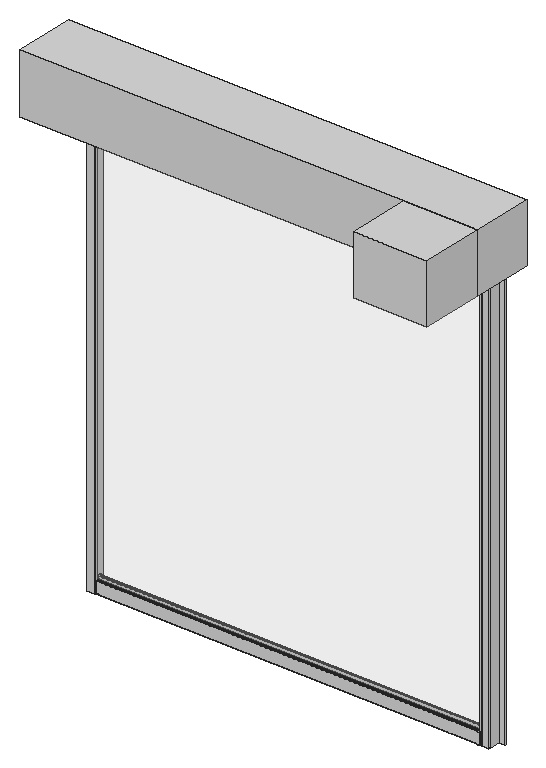
Revit family "Door-Crossing-Gard-Grille_Ceiling-Hosted_Cookson", category Doors, host Ceiling, Revit 2013
Parameters (values of type "Door-Crossing-Gard-Grille_Ceiling-Hosted_Cookson")
  Width = 10' - 0"
  Wall Construction = "Self supporting tubes, Masonry, Steel or Wood"  # constant formula
  URL Specifications = "http://www.cooksondoor.com/docs/default-source/Specifications/crossinggard-emergency-response-grilles-specification_k.doc?sfvrsn=6"
  URL Photographs = "www.cooksondoor.com/product/CrossingGard-Grilles"
  URL CAD = "www.cooksondoor.com/architect-tools-and-resources/drawing-generator?prod=crossinggard"
  URL = "www.cooksondoor.com/product/CrossingGard-Grilles"
  Subcategory = "Roll Up"  # constant formula
  Sizing Disclaimer = "Openings from 5' to 24' wide and 4' to 20' high."  # constant formula
  Revit Object Download Link = "http://cornellcookson.smartbim.com/download/Door-Crossing-Gard-Grille_Ceiling-Hosted_Cookson"
  Representative Disclaimer = "Cookson products are sold and installed through a nationwide network of independent distributors."  # constant formula
  Overall Height = Height + 1' 10"  # 11' - 10"
  Optional aluminum, color anodized finish = Aluminum, mill finish(non-curtain components)
  Operator = Operator : Motor Operator
  Mounting = "Face of Wall"  # constant formula
  Model = "ERG-IBC"  # constant formula
  Manufacturer = "CornellCookson,Inc."  # constant formula
  Listings = "ICC-ES Evaluated for access controlled egress per the IBC®, per ESR-1167"  # constant formula
  LEED Information = "http://www.cooksondoor.com/architect-tools-and-resources/leed-information"
  Jamb Dimension Note = "Between Jambs 5 1/2In to 6 1/2In wide. Consult Cookson when dimensions are critical. "  # constant formula
  Hood = Aluminum, mill finish(non-curtain components)
  Height = 10' - 0"
  Guides (Follows curtain) = Aluminum, mill finish(non-curtain components)
  Function = Interior
  From Coil Side Operate on Right = yes
  From Coil Side Operate on Left = not(From Coil Side Operate on Right)  # no
  Distributor Locator = "http://www.cooksondoor.com/find-a-dealer"
  Description = "The security of a locked rolling grille that opens on alarm or power failure allowing safe escape."  # constant formula
  Curtain Spacing Vertical Chains 9" OC, or = no
  Curtain Spacing Vertical Chains 6" OC, or = no
  Curtain Spacing Vertical Chains 3" OC = no
  Curtain Rods 2" OC Standard = Aluminum, anodized finish 9" Spacing (curtain only)
  Coil Dimension Note = "15In to 20In - Consult Cookson when dimensions are critical."  # constant formula
  Bottom Bar (Follows curtain) = Aluminum, mill finish(non-curtain components)
  Assembly Code = "B2030410"
  95 CSI = "08330"  # constant formula
  04 CSI = "08 33 00"  # constant formula
Reference planes (in)
  plane 1 "Center (Front/Back)": y = 0
  plane 2 "Ceiling": z = 120
  plane 3 "Center (Left/Right)": x = 0.00493
  plane 4: z = 60
  plane 5: x = -59.99507
  plane 6: x = 60.00493
  plane 7: z = 125
  plane 8: y = -24.76395
  plane 9: y = -27.32646
  plane 10: y = -29.88896
  plane 11: y = -12.38896
  plane 12: y = 5.61104
  plane 13: z = 123
  plane 14: z = 142
Forms (in)
  Sweep 1, solid, material "Aluminum, mill finish(non-curtain components)" <- "Guides (Follows curtain)"
    path origin (-180, -24.76395, 124.61148) x (0, 0, 1) y (-1, 0, 0)
      loop
        line (0.38852, -120.00493) -> (-124.61148, -120.00493)
    profile "Guide-Profile : Guide-Profile" origin (-59.99507, -24.76395, 62.5) x (1, 0, 0) y (0, -1, 0)
      loop
        line (4.5, 2.484) -> (2.563, 2.484) -> (2.563, 3.516) -> (4.5, 3.516) -> (4.5, 3.312) -> (4.64, 3.312) -> (4.64, 3.51604) -> (4.86, 3.51604) -> (4.86, 3.312) -> (5, 3.312) -> (5, 3.563) -> (4.875, 3.625) -> (2.5, 3.625) -> (2.5, 3) -> (2.312, 3) -> (2.312, 0.188) -> (0.5, 0.188) -> (0.5, 0) -> (2.5, 0) -> (2.5, 1.124) -> (4.875, 1.124) -> (5, 1.186) -> (5, 2.52275) -> (5, 2.688) -> (4.86, 2.688) -> (4.86, 2.56104) -> (4.64, 2.56104) -> (4.64, 2.688) -> (4.5, 2.688) -> (4.5, 2.484)
  Sweep 2, solid, material "Aluminum, mill finish(non-curtain components)" <- "Guides (Follows curtain)"
    path origin (-180, -24.76395, 124.61148) x (0, 0, 1) y (-1, 0, 0)
      loop
        line (0.38852, -240.00493) -> (-124.61148, -240.00493)
    profile "Guide-Profile : Guide-Profile" origin (60.00493, -24.76395, 62.5) x (1, 0, 0) y (0, -1, 0)
      loop
        line (-4.5, 2.484) -> (-4.5, 2.688) -> (-4.64, 2.688) -> (-4.64, 2.56104) -> (-4.86, 2.56104) -> (-4.86, 2.688) -> (-5, 2.688) -> (-5, 2.52275) -> (-5, 1.186) -> (-4.875, 1.124) -> (-2.5, 1.124) -> (-2.5, 0) -> (-0.5, 0) -> (-0.5, 0.188) -> (-2.312, 0.188) -> (-2.312, 3) -> (-2.5, 3) -> (-2.5, 3.625) -> (-4.875, 3.625) -> (-5, 3.563) -> (-5, 3.312) -> (-4.86, 3.312) -> (-4.86, 3.51604) -> (-4.64, 3.51604) -> (-4.64, 3.312) -> (-4.5, 3.312) -> (-4.5, 3.516) -> (-2.563, 3.516) -> (-2.563, 2.484) -> (-4.5, 2.484)
  Sweep 3, solid, material "Aluminum, mill finish(non-curtain components)" <- "Guides (Follows curtain)"
    path origin (-180, -24.76395, 124.61148) x (0, 0, 1) y (-1, 0, 0)
      loop
        line (-124.61148, -125.00493) -> (-124.61148, -235.00493)
    profile "Profile_BottomBar : Profile_BottomBar" origin (0.00493, -24.76395, 0) x (0, 0, 1) y (0, -1, 0)
      loop
        line (3.5, 2.9375) -> (3.5, 2.9685) -> (3.625, 2.9685) -> (3.625, 2.8595) -> (3.688, 2.8595) -> (3.688, 3.0315)
        arc (3.688, 3.0315) -> (3.66984, 3.07534) -> (3.626, 3.0935) r 0.062
        line (3.626, 3.0935) -> (3.562, 3.0935)
        arc (3.562, 3.0935) -> (3.51816, 3.11166) -> (3.5, 3.1555) r 0.062
        line (3.5, 3.1555) -> (3.5, 3.5005)
        arc (3.5, 3.5005) -> (3.48184, 3.54434) -> (3.438, 3.5625) r 0.062
        line (3.438, 3.5625) -> (0.062, 3.5625)
        arc (0.062, 3.5625) -> (0.01816, 3.54434) -> (0, 3.5005) r 0.062
        line (0, 3.5005) -> (0, 1.6245)
        arc (0, 1.6245) -> (0.01816, 1.58066) -> (0.062, 1.5625) r 0.062
        line (0.062, 1.5625) -> (3.438, 1.5625)
        arc (3.438, 1.5625) -> (3.48184, 1.58066) -> (3.5, 1.6245) r 0.062
        line (3.5, 1.6245) -> (3.5, 1.9695)
        arc (3.5, 1.9695) -> (3.51816, 2.01334) -> (3.562, 2.0315) r 0.062
        line (3.562, 2.0315) -> (3.626, 2.0315)
        arc (3.626, 2.0315) -> (3.66984, 2.04966) -> (3.688, 2.0935) r 0.062
        line (3.688, 2.0935) -> (3.688, 2.2655) -> (3.625, 2.2655) -> (3.625, 2.1565) -> (3.5, 2.1565) -> (3.5, 2.1875) -> (3.594, 2.1875) -> (3.594, 2.2965) -> (4.484, 2.2965)
        arc (4.484, 2.2965) -> (4.56974, 2.3107) -> (4.64632, 2.35177) r 0.266
        arc (4.64632, 2.35177) -> (4.69392, 2.39914) -> (4.72814, 2.45691) r 0.266
        arc (4.72814, 2.45691) -> (4.74762, 2.52696) -> (4.74739, 2.59967) r 0.266
        arc (4.74739, 2.59967) -> (4.73451, 2.65194) -> (4.71137, 2.70055) r 0.266
        arc (4.71137, 2.70055) -> (4.66476, 2.75765) -> (4.60425, 2.79977) r 0.266
        arc (4.60425, 2.79977) -> (4.54582, 2.82122) -> (4.484, 2.8285) r 0.266
        line (4.484, 2.8285) -> (3.594, 2.8285) -> (3.594, 2.9375) -> (3.5, 2.9375)
  Extrusion 4, solid, material "Aluminum, anodized finish 9" Spacing (curtain only)" <- "Curtain Rods 2" OC Standard"
    sketch origin (0, 0, 0) x (1, 0, 0) y (0, 1, 0)
      loop
        line (-55.49507, -27.45196) -> (-55.49507, -28.07596) -> (55.50493, -28.07596) -> (55.50493, -27.45196) -> (-55.49507, -27.45196)
    from 3.625 to 125
Cuts and joins
  joined: Sweep 1, Sweep 2
Lines and regions (in)
  Opening 1
    outline origin (0, 0, 96) x (1, 0, 0) y (0, 1, 0)
      loop
        line (60.00493, -24.76395) -> (-59.99507, -24.76395) -> (-59.99507, -29.88896) -> (60.00493, -29.88896) -> (60.00493, -24.76395)
  symbolic lines, style "DoorsPanelProjection"
    curve 1: line (59.50493, -24.95196, 0) -> (59.50493, -24.76396, 0)
    curve 2: line (59.50493, -24.76396, 0) -> (57.50493, -24.76396, 0)
    curve 3: line (57.69293, -24.95196, 0) -> (59.50493, -24.95196, 0)
    curve 4: line (57.69293, -27.76396, 0) -> (57.69293, -24.95196, 0)
    curve 5: line (57.50493, -24.76396, 0) -> (57.50493, -25.88796, 0)
    curve 6: line (57.50493, -27.76396, 0) -> (57.69293, -27.76396, 0)
    curve 7: line (57.50493, -28.38896, 0) -> (57.50493, -27.76396, 0)
    curve 8: line (55.12993, -28.38896, 0) -> (57.50493, -28.38896, 0)
    curve 9: line (55.00493, -28.32696, 0) -> (55.12993, -28.38896, 0)
    curve 10: line (55.00493, -28.07596, 0) -> (55.00493, -28.32696, 0)
    curve 11: line (55.14493, -28.07596, 0) -> (55.00493, -28.07596, 0)
    curve 12: line (55.14493, -28.28, 0) -> (55.14493, -28.07596, 0)
    curve 13: line (55.36493, -28.28, 0) -> (55.14493, -28.28, 0)
    curve 14: line (55.36493, -28.07596, 0) -> (55.36493, -28.28, 0)
    curve 15: line (55.50493, -28.07596, 0) -> (55.36493, -28.07596, 0)
    curve 16: line (55.50493, -28.27996, 0) -> (55.50493, -27.24796, 0)
    curve 17: line (57.44193, -28.27996, 0) -> (55.50493, -28.27996, 0)
    curve 18: line (57.44193, -27.24796, 0) -> (57.44193, -28.27996, 0)
    curve 19: line (55.50493, -27.24796, 0) -> (57.44193, -27.24796, 0)
    curve 20: line (55.36493, -27.45196, 0) -> (55.50493, -27.45196, 0)
    curve 21: line (55.14493, -27.325, 0) -> (55.36493, -27.325, 0)
    curve 22: line (55.36493, -27.325, 0) -> (55.36493, -27.45196, 0)
    curve 23: line (55.14493, -27.45196, 0) -> (55.14493, -27.325, 0)
    curve 24: line (55.00493, -27.45196, 0) -> (55.14493, -27.45196, 0)
    curve 25: line (55.00493, -25.94996, 0) -> (55.00493, -27.45196, 0)
    curve 26: line (55.12993, -25.88796, 0) -> (55.00493, -25.94996, 0)
    curve 27: line (57.50493, -25.88796, 0) -> (55.12993, -25.88796, 0)
    curve 28: line (57.50493, -24.76396, 0) -> (57.50493, -25.88796, 0)
    curve 29: line (55.50493, -27.45196, 0) -> (-55.49507, -27.45196, 0)
    curve 30: line (-55.49507, -28.07596, 0) -> (55.50493, -28.07596, 0)
    curve 31: line (-55.49507, -27.45196, 0) -> (-55.49507, -28.07596, 0)
    curve 32: line (-55.49507, -27.24796, 0) -> (-55.49507, -27.45196, 0)
    curve 33: line (-55.49507, -28.07596, 0) -> (-55.49507, -28.27996, 0)
    curve 34: line (-55.49507, -28.27996, 0) -> (-57.43207, -28.27996, 0)
    curve 35: line (-57.43207, -28.27996, 0) -> (-57.43207, -27.24796, 0)
    curve 36: line (-57.43207, -27.24796, 0) -> (-55.49507, -27.24796, 0)
    curve 37: line (-55.49507, -27.45196, 0) -> (-55.35507, -27.45196, 0)
    curve 38: line (-55.35507, -27.45196, 0) -> (-55.35507, -27.325, 0)
    curve 39: line (-55.35507, -27.325, 0) -> (-55.13507, -27.325, 0)
    curve 40: line (-55.13507, -27.325, 0) -> (-55.13507, -27.45196, 0)
    curve 41: line (-55.13507, -27.45196, 0) -> (-54.99507, -27.45196, 0)
    curve 42: line (-54.99507, -27.45196, 0) -> (-54.99507, -25.94996, 0)
    curve 43: line (-54.99507, -25.94996, 0) -> (-55.12007, -25.88796, 0)
    curve 44: line (-55.12007, -25.88796, 0) -> (-57.49507, -25.88796, 0)
    curve 45: line (-57.49507, -25.88796, 0) -> (-57.49507, -24.76396, 0)
    curve 46: line (-57.49507, -24.76396, 0) -> (-59.49507, -24.76396, 0)
    curve 47: line (-59.49507, -24.76396, 0) -> (-59.49507, -24.95196, 0)
    curve 48: line (-59.49507, -24.95196, 0) -> (-57.68307, -24.95196, 0)
    curve 49: line (-57.68307, -24.95196, 0) -> (-57.68307, -27.76396, 0)
    curve 50: line (-57.68307, -27.76396, 0) -> (-57.49507, -27.76396, 0)
    curve 51: line (-57.49507, -27.76396, 0) -> (-57.49507, -28.38896, 0)
    curve 52: line (-57.49507, -28.38896, 0) -> (-55.12007, -28.38896, 0)
    curve 53: line (-55.12007, -28.38896, 0) -> (-54.99507, -28.32696, 0)
    curve 54: line (-54.99507, -28.32696, 0) -> (-54.99507, -28.07596, 0)
    curve 55: line (-55.13507, -28.07596, 0) -> (-55.13507, -28.28, 0)
    curve 56: line (-55.13507, -28.28, 0) -> (-55.35507, -28.28, 0)
    curve 57: line (-55.35507, -28.28, 0) -> (-55.35507, -28.07596, 0)
    curve 58: line (-55.35507, -28.07596, 0) -> (-55.49507, -28.07596, 0)
    curve 59: line (-54.99507, -28.07596, 0) -> (-55.13507, -28.07596, 0)
  symbolic lines, style "Doors"
    curve 60: line (55.50493, -27.45196, 0) -> (-55.49507, -27.45196, 0)
    curve 61: line (-55.49507, -28.07596, 0) -> (55.50493, -28.07596, 0)
    curve 62: line (-55.49507, -27.45196, 0) -> (-55.49507, -28.07596, 0)
    curve 63: line (55.50493, -28.07596, 0) -> (55.50493, -27.45196, 0)
    curve 64: line (55.00493, -26.32645, 0) -> (-54.99507, -26.32645, 0)
    curve 65: line (55.00493, -28.32696, 0) -> (55.00493, -28.07596, 0)
    curve 66: line (-54.99507, -28.32696, 0) -> (55.00493, -28.32696, 0)
    curve 67: line (-54.99507, -26.32645, 0) -> (-54.99507, -27.45196, 0)
    curve 68: line (-54.99507, -28.07596, 0) -> (-54.99507, -28.32696, 0)
    curve 69: line (55.00493, -27.45196, 0) -> (55.00493, -26.32645, 0)
Dimensions and locks (in)
  equal spacing: host sketch curve, plane 3 "Center (Left/Right)", host sketch curve
  equal spacing: host sketch curve, plane 1 "Center (Front/Back)", host sketch curve
  host sketch curve to host sketch curve = 10' - 0"  (x2)
  equal spacing: plane 6, plane 3 "Center (Left/Right)", plane 5
  "Width": plane 6 to plane 5
  equal spacing: plane 8, plane 9, plane 10
  plane 7 to plane 13 = 0' - 2"
  plane 11 to plane 10 = 1' - 5 1/2"
  plane 12 to plane 11 = 1' - 6"
  locked: plane 7 to plane 2 "Ceiling" at 5
  "Overall Height": plane 14 to level
  equal spacing: plane 2 "Ceiling", plane 4, level
  "Height": plane 2 "Ceiling" to level
  aligned and locked: Sweep 1 sketch curve to plane 5
  aligned and locked: level to Sweep 1 sketch curve
  aligned and locked: Sweep 2 sketch curve to plane 6
  aligned and locked: level to Sweep 2 sketch curve
  aligned and locked: Sweep 3 sketch curve to level
  aligned and locked: plane 7 to Sweep 1 sketch curve
  aligned and locked: plane 7 to Sweep 2 sketch curve
  aligned and locked: Opening 1 sketch curve to plane 8
  aligned and locked: Opening 1 sketch curve to plane 10
  aligned and locked: Opening 1 sketch curve to plane 5
  aligned and locked: Opening 1 sketch curve to plane 6
  aligned and locked: Extrusion 4 sketch curve to cut or joined group of Sweep 1, Sweep 2  (x3)
  aligned and locked: cut or joined group of Sweep 1, Sweep 2 to Extrusion 4 sketch curve
  aligned and locked: plane 7 to Extrusion 4
  aligned and locked: nested 1 to plane 8
  aligned and locked: nested 1 to plane 7
  aligned and locked: Extrusion 4 to Sweep 3
  aligned and locked: plane 3 "Center (Left/Right)" to nested 1
  aligned and locked: cut or joined group of Sweep 1, Sweep 2 to Sweep 3 sketch curve
  aligned and locked: Sweep 3 sketch curve to cut or joined group of Sweep 1, Sweep 2
  aligned and locked: curve 1 to cut or joined group of Sweep 1, Sweep 2
  aligned and locked: curve 2 to cut or joined group of Sweep 1, Sweep 2
  aligned and locked: curve 3 to cut or joined group of Sweep 1, Sweep 2
  aligned and locked: curve 4 to cut or joined group of Sweep 1, Sweep 2
  aligned and locked: curve 5 to cut or joined group of Sweep 1, Sweep 2
  aligned and locked: curve 6 to cut or joined group of Sweep 1, Sweep 2
  aligned and locked: curve 7 to cut or joined group of Sweep 1, Sweep 2
  aligned and locked: curve 8 to cut or joined group of Sweep 1, Sweep 2
  aligned and locked: curve 9 to cut or joined group of Sweep 1, Sweep 2
  aligned and locked: curve 10 to cut or joined group of Sweep 1, Sweep 2
  aligned and locked: curve 11 to cut or joined group of Sweep 1, Sweep 2
  aligned and locked: curve 12 to cut or joined group of Sweep 1, Sweep 2
  aligned and locked: curve 13 to cut or joined group of Sweep 1, Sweep 2
  aligned and locked: curve 14 to cut or joined group of Sweep 1, Sweep 2
  aligned and locked: curve 15 to cut or joined group of Sweep 1, Sweep 2
  aligned and locked: curve 16 to Extrusion 4
  aligned and locked: curve 17 to cut or joined group of Sweep 1, Sweep 2
  aligned and locked: curve 18 to cut or joined group of Sweep 1, Sweep 2
  aligned and locked: curve 19 to cut or joined group of Sweep 1, Sweep 2
  aligned and locked: curve 20 to cut or joined group of Sweep 1, Sweep 2
  aligned and locked: curve 21 to cut or joined group of Sweep 1, Sweep 2
  aligned and locked: curve 22 to cut or joined group of Sweep 1, Sweep 2
  aligned and locked: curve 23 to cut or joined group of Sweep 1, Sweep 2
  aligned and locked: curve 24 to cut or joined group of Sweep 1, Sweep 2
  aligned and locked: curve 25 to cut or joined group of Sweep 1, Sweep 2
  aligned and locked: curve 26 to cut or joined group of Sweep 1, Sweep 2
  aligned and locked: curve 27 to cut or joined group of Sweep 1, Sweep 2
  aligned and locked: curve 29 to Extrusion 4
  aligned and locked: curve 30 to Extrusion 4
  aligned and locked: curve 31 to Extrusion 4
  aligned and locked: curve 32 to cut or joined group of Sweep 1, Sweep 2
  aligned and locked: curve 33 to cut or joined group of Sweep 1, Sweep 2
  aligned and locked: curve 34 to cut or joined group of Sweep 1, Sweep 2
  aligned and locked: curve 35 to cut or joined group of Sweep 1, Sweep 2
  aligned and locked: curve 36 to cut or joined group of Sweep 1, Sweep 2
  aligned and locked: curve 37 to cut or joined group of Sweep 1, Sweep 2
  aligned and locked: curve 38 to cut or joined group of Sweep 1, Sweep 2
  aligned and locked: curve 39 to cut or joined group of Sweep 1, Sweep 2
  aligned and locked: curve 40 to cut or joined group of Sweep 1, Sweep 2
  aligned and locked: curve 41 to cut or joined group of Sweep 1, Sweep 2
  aligned and locked: curve 42 to cut or joined group of Sweep 1, Sweep 2
  aligned and locked: curve 43 to cut or joined group of Sweep 1, Sweep 2
  aligned and locked: curve 44 to cut or joined group of Sweep 1, Sweep 2
  aligned and locked: curve 45 to cut or joined group of Sweep 1, Sweep 2
  aligned and locked: curve 46 to cut or joined group of Sweep 1, Sweep 2
  aligned and locked: curve 47 to cut or joined group of Sweep 1, Sweep 2
  aligned and locked: curve 48 to cut or joined group of Sweep 1, Sweep 2
  aligned and locked: curve 49 to cut or joined group of Sweep 1, Sweep 2
  aligned and locked: curve 50 to cut or joined group of Sweep 1, Sweep 2
  aligned and locked: curve 51 to cut or joined group of Sweep 1, Sweep 2
  aligned and locked: curve 52 to cut or joined group of Sweep 1, Sweep 2
  aligned and locked: curve 53 to cut or joined group of Sweep 1, Sweep 2
  aligned and locked: curve 54 to cut or joined group of Sweep 1, Sweep 2
  aligned and locked: curve 55 to cut or joined group of Sweep 1, Sweep 2
  aligned and locked: curve 56 to cut or joined group of Sweep 1, Sweep 2
  aligned and locked: curve 57 to cut or joined group of Sweep 1, Sweep 2
  aligned and locked: curve 58 to cut or joined group of Sweep 1, Sweep 2
  aligned and locked: curve 59 to cut or joined group of Sweep 1, Sweep 2
  aligned and locked: curve 60 to Extrusion 4
  aligned and locked: curve 61 to Extrusion 4
  aligned and locked: curve 62 to Extrusion 4
  aligned and locked: curve 63 to Extrusion 4
  aligned and locked: curve 64 to Sweep 3
  aligned and locked: curve 65 to curve 25
  aligned and locked: curve 67 to curve 54
Automatic sketch dimensions
  curve 13 to curve 16 = 0' - 0.14"
  curve 37 to curve 38 = 0' - 0"
  curve 63 to curve 15 = 0' - 0"
  plane 9 to curve 67 = 0' - 0.1255"
  plane 9 to curve 65 = 0' - 0.7495"
  curve 64 to plane 6 = 0' - 5"
  plane 9 to curve 69 = 0' - 0.1255"
  plane 9 to curve 68 = 0' - 0.7495"
Nested families (in)
  nested 1: "Operator" at (0.00493, -33.26395, 37.50377), type "Motor Operator"
Definition of nested family "Operator"
  Parameters (values of type "Motor Operator")
    Width = 10' - 0"
    Roller Chamber = Aluminum, mill finish(non-curtain components)
    Right Motor Visible = not(Motor)  # no
    Right = yes
    Operator Height = Height / 1.5  # 5' - 4"
    Motor = yes
    Material = Aluminum, mill finish(non-curtain components)
    Line = no
    Left Motor Visible = not(Motor)  # no
    Left = no
    Height = 8' - 0"
    Default Elevation = 4' - 0"
    Bottom Bar = Aluminum, mill finish(non-curtain components)
    Assembly Code = ""
  Reference planes (in)
    plane 1 "Center (Front/Back)": y = 0
    plane 2: z = 0
    plane 3 "Center (Left/Right)": x = 0
    plane 4: x = -60
    plane 5: x = 60
    plane 6: z = 96
    plane 7: y = 8.5
    plane 8: z = 87.49623
    plane 9: x = -42.75
    plane 10: x = 42.75
    plane 11: y = -27.30859
    plane 12: y = -12
    plane 13: y = 6.625
    plane 14: x = -55.5
    plane 15: x = 55.5
    plane 16: x = -65.5
    plane 17: x = 65.5
    plane 18: y = -7
  Forms (in)
    Sweep 1, solid, material "Aluminum, mill finish(non-curtain components)" <- "Bottom Bar"
      path origin (-42.75, -180, 87.49623) x (0, -1, 0) y (1, 0, 0)
        loop
          line (-188.5, -22.75) -> (-188.5, 108.25)
      profile "Profile_Hood : Profile_Hood" origin (0, 8.5, 87.49623) x (0, 1, 0) y (0, 0, 1)
        loop
          line (0, 17) -> (-17.5, 17) -> (-17.5, 0) -> (0, 0) -> (0, 17)
    Sweep 2, solid, material "Aluminum, mill finish(non-curtain components)" <- "Bottom Bar"
      path origin (-42.75, -180, 87.49623) x (0, -1, 0) y (1, 0, 0)
        loop
          line (-188.5, -22.75) -> (-188.5, 108.25)
      profile "Profile_Hood : Profile_Hood" origin (0, 8.5, 87.49623) x (0, 1, 0) y (0, 0, 1)
        loop
          line (0, 17) -> (-17.5, 17) -> (-17.5, 0) -> (0, 0) -> (0, 17)
    Sweep 3, solid, material "Aluminum, mill finish(non-curtain components)" <- "Roller Chamber"
      path origin (-42.75, -180, 87.49623) x (0, -1, 0) y (1, 0, 0)
        loop
          line (-188.5, -22.75) -> (-188.5, 108.25)
      profile "Profile_Hood : Profile_Hood" origin (0, 8.5, 87.49623) x (0, 1, 0) y (0, 0, 1)
        loop
          line (0, 17) -> (-17.5, 17) -> (-17.5, 0) -> (0, 0) -> (0, 17)
  Lines and regions (in)
    symbolic lines, style "GenericModelHiddenLines"
      curve 1: line (-65.5, 8.5, 0) -> (-65.5, -7, 0)
      curve 3: line (65.5, -7, 0) -> (65.5, 8.5, 0)
    symbolic lines, style "GenericModelHiddenLines", visible <- "Line"
      curve 2: line (-65.5, -7, 0) -> (65.5, -7, 0)
    symbolic lines, style "GenericModelHiddenLines", visible <- "Left"
      curve 4: line (-44.5, -7, 0) -> (65.5, -7, 0)
    symbolic lines, style "GenericModelHiddenLines", visible <- "Right"
      curve 5: line (-65.5, -7, 0) -> (44.5, -7, 0)
    symbolic lines, style "GenericModelHiddenLines", visible <- "Right Motor Visible"
      curve 6: line (44.5, -7, 0) -> (65.5, -7, 0)
    symbolic lines, style "GenericModelHiddenLines", visible <- "Left Motor Visible"
      curve 7: line (-65.5, -7, 0) -> (-44.5, -7, 0)
  Dimensions and locks (in)
    equal spacing: plane 4, plane 3 "Center (Left/Right)", plane 5
    "Width": plane 4 to plane 5
    "Height": plane 6 to level
    locked: plane 7 to plane 1 "Center (Front/Back)" at 8.5
    locked: plane 6 to plane 8 at 8.50377
    locked: plane 7 to plane 11 at 35.80859
    locked: plane 7 to plane 13 at 1.875
    locked: plane 15 to plane 5 at 4.5
    locked: plane 4 to plane 14 at 4.5
    locked: plane 16 to plane 4 at 5.5
    locked: plane 17 to plane 5 at 5.5
    locked: plane 18 to plane 7 at 15.5
    aligned and locked: nested 2 to plane 6
    aligned and locked: Sweep 1 sketch curve to plane 7
    aligned and locked: nested 1 to Sweep 1
    aligned and locked: Sweep 2 sketch curve to plane 7
    aligned and locked: Sweep 3 sketch curve to plane 7
    aligned and locked: plane 6 to nested 1
    aligned and locked: plane 16 to Sweep 2 sketch curve
    aligned and locked: plane 17 to Sweep 2 sketch curve
    aligned and locked: plane 16 to Sweep 3 sketch curve
    aligned and locked: plane 17 to Sweep 3 sketch curve
    aligned and locked: plane 16 to Sweep 1 sketch curve
    aligned and locked: plane 17 to Sweep 1 sketch curve
    aligned and locked: plane 7 to curve 1
    aligned and locked: curve 3 to plane 7
    aligned and locked: plane 18 to curve 3
    aligned and locked: plane 18 to curve 4
    aligned and locked: nested 1 to curve 5
    aligned and locked: curve 5 to plane 18
    aligned and locked: nested 1 to curve 6
    aligned and locked: curve 5 to curve 6
    aligned and locked: nested 2 to Sweep 3
    aligned and locked: nested 1 to Sweep 2
    aligned and locked: nested 2 to curve 7
    aligned and locked: plane 16 to nested 2
    aligned and locked: curve 1 to plane 16
  Nested families (in)
    nested 1: "Pull-Down-Pole" at (71.375, -2, 32), visible <- "Right", type "Pull"
    nested 2: "Pull-Down-Pole" at (-71.375, -2, 32) x (-1, 0, 0) z (0, 0, 1), visible <- "Left", type "Pull 2"
  Definition of nested family "Pull-Down-Pole"
    Parameters (values of type "Pull 2")
      Motor = yes
      Material = Aluminum, mill finish(non-curtain components)
      Hood = Aluminum, mill finish(non-curtain components)
      Height = 5' - 4"
      Bottom Bar = Aluminum, mill finish(non-curtain components)
      Assembly Code = ""
    Types (2): name
      Pull 2
      Pull
    Reference planes (in)
      plane 1 "Center (Front/Back)": y = 0
      plane 2: z = 0
      plane 3 "Center (Left/Right)": x = 0
      plane 4: z = 64
      plane 5: y = -7
      plane 6: y = -25
      plane 7: x = -3.625
      plane 8: x = -5.875
      plane 9: x = -1.375
    Forms (in)
      Extrusion 1, solid, material "Aluminum, mill finish(non-curtain components)" <- "Material", visible <- "Motor"
        sketch origin (0, 0, 0) x (1, 0, 0) y (0, 0, 1)
          loop
            line (-26.875, 72.49609) -> (-26.875, 55.49609) -> (-5.875, 55.49609) -> (-5.875, 72.49609) -> (-26.875, 72.49609)
        from 7 to 25
      Extrusion 2, solid, material "Aluminum, mill finish(non-curtain components)" <- "Bottom Bar", not visible
        sketch origin (-9.625, -8.75, 56.81318) x (0, 0, 1) y (0, -1, 0)
          loop
            line (15.68682, -17.125) -> (15.68682, -1.75) -> (-1.31318, -1.75) -> (-1.31318, -17.125) -> (15.68682, -17.125)
        from 3.75 to 8.25
      Extrusion 3, solid, material "Aluminum, mill finish(non-curtain components)" <- "Bottom Bar", not visible
        sketch origin (-5.875, -5.3125, 56.81318) x (0, 0, -1) y (0, -1, 0)
          loop
            line (-15.68682, 1.6875) -> (-15.68682, -13.6875) -> (1.31318, -13.6875) -> (1.31318, 1.6875) -> (-15.68682, 1.6875)
        from -4.5 to 0
    Lines and regions (in)
      symbolic lines, style "GenericModelHiddenLines", visible <- "Motor"
        curve 1: line (-26.875, -25, 0) -> (-26.875, -7, 0)
        curve 2: line (-26.875, -25, 0) -> (-5.875, -25, 0)
        curve 3: line (-5.875, -25, 0) -> (-5.875, -7, 0)
    Dimensions and locks (in)
      "Height": plane 4 to level
      locked: plane 3 "Center (Left/Right)" to Extrusion 1 sketch curve at 5.875
      locked: Extrusion 1 sketch curve to Extrusion 1 sketch curve at 21
      locked: plane 4 to Extrusion 1 sketch curve at 8.50391
      locked: Extrusion 1 sketch curve to plane 4 at 8.49609
      locked: plane 1 "Center (Front/Back)" to plane 5 at 7
      plane 5 to plane 6 = 1' - 6"
      Extrusion 2 to plane 7 = 0' - 2 1/4"
      locked: plane 8 to plane 9 at 4.5
      equal spacing: plane 8, plane 7, plane 9
      plane 5 to plane 1 "Center (Front/Back)" = 0' - 7"
      plane 1 "Center (Front/Back)" to Extrusion 3 sketch curve = 0' - 8 3/8"
      Extrusion 2 to plane 4 = 0' - 8 1/2"
      aligned and locked: plane 5 to Extrusion 1
      aligned and locked: plane 6 to Extrusion 1
      aligned and locked: plane 4 to nested 1
      aligned and locked: plane 7 to nested 1
      aligned and locked: plane 1 "Center (Front/Back)" to nested 1
      aligned and locked: Extrusion 2 to Extrusion 3
      aligned and locked: Extrusion 3 to plane 9
      aligned and locked: Extrusion 2 to plane 9
      aligned and locked: plane 5 to curve 1
      aligned and locked: plane 6 to curve 1
      aligned and locked: plane 5 to curve 3
      aligned and locked: plane 6 to curve 3
      aligned and locked: Extrusion 1 to curve 2
      aligned and locked: curve 2 to Extrusion 1
    Automatic sketch dimensions
      Extrusion 3 sketch curve to Extrusion 2 = 0' - 0"  (x2)
      Extrusion 3 sketch curve to Extrusion 2 = 1' - 3 3/8"
      Extrusion 2 sketch curve to plane 5 = 0' - 0"
      Extrusion 2 sketch curve to plane 4 = 0' - 8 1/2"
      plane 4 to Extrusion 2 sketch curve = 0' - 8 1/2"
      Extrusion 2 sketch curve to Extrusion 2 sketch curve = 1' - 3 3/8"
    Nested families (in)
      nested 1: "Hand Crank" at (-3.625, 0, 0), type "Pull"
        with Crank Visibility no
    Definition of nested family "Hand Crank"
      Parameters (values of type "Pull 2")
        Pull Visibility = no
        Material = none
        Height = 5' - 4"
        Crank Visibility = yes
        Chain Visibility = no
        Assembly Code = ""
      Types (2): name
        Pull
        Pull 2
      Reference planes (in)
        plane 1 "Center (Front/Back)": y = 0
        plane 2: z = 0
        plane 3 "Center (Left/Right)": x = 0
        plane 4: z = 64
      Forms (in)
        Extrusion 1, solid, material <- "Material", visible <- "Crank Visibility"
          sketch origin (0.49219, 0, -9.71913) x (1, 0, 0) y (0, 1, 0)
            loop
              circle (-0.49219, 0) r 0.3635
          from 27.71913 to 73.71913
        Revolve 2, solid, material <- "Material", visible <- "Crank Visibility"
          sketch origin (0.48828, 0, 0) x (1, 0, 0) y (0, 0, 1)
            loop
              line (-0.00839, 16.40625) -> (-0.00839, 17.75)
              arc (-0.00839, 17.75) -> (0.0137, 17.75915) -> (0.02286, 17.78125) r 0.03125
              line (0.02286, 17.78125) -> (0.02286, 17.96875)
              arc (0.02286, 17.96875) -> (0.0137, 17.99085) -> (-0.00839, 18) r 0.03125
              line (-0.00839, 18) -> (-0.12478, 18) -> (-0.25839, 16.375) -> (-0.03964, 16.375)
              arc (-0.03964, 16.375) -> (-0.01755, 16.38415) -> (-0.00839, 16.40625) r 0.03125
            axis (-0.5, 16.375) -> (-0.5, 18)
          angle from 0 to 360
        Extrusion 3, solid, material <- "Material", visible <- "Crank Visibility"
          sketch origin (0.48828, 0, -9.71913) x (1, 0, 0) y (0, 1, 0)
            loop
              circle (-0.5, 0) r 0.24161
          from 24.71913 to 26.09413
        Revolve 4, solid, material <- "Material", visible <- "Crank Visibility"
          sketch origin (0.48828, 0, -33.71913) x (1, 0, 0) y (0, 0, 1)
            loop
              line (-0.10214, 48.71913) -> (-0.5, 48.71913) -> (-0.5, 44.28163) -> (-0.10214, 44.28163)
              arc (-0.10214, 44.28163) -> (-0.08321, 44.29598) -> (-0.06782, 44.31409) r 0.10929
              arc (-0.06782, 44.31409) -> (-0.0568, 44.33489) -> (-0.05048, 44.35756) r 0.10929
              arc (-0.05048, 44.35756) -> (-0.04908, 44.37899) -> (-0.05189, 44.40028) r 0.10929
              arc (-0.05189, 44.40028) -> (-0.06078, 44.4247) -> (-0.07518, 44.44633) r 0.10929
              arc (-0.07518, 44.44633) -> (-0.08774, 44.45883) -> (-0.10214, 44.46913) r 0.10929
              line (-0.10214, 44.46913) -> (-0.25839, 44.46913) -> (-0.25839, 44.53163) -> (-0.03964, 44.53163)
              arc (-0.03964, 44.53163) -> (0.02286, 46.50038) -> (-0.03964, 48.46913) r 31.03906
              line (-0.03964, 48.46913) -> (-0.25839, 48.46913) -> (-0.25839, 48.53163) -> (-0.10214, 48.53163)
              arc (-0.10214, 48.53163) -> (-0.089, 48.54117) -> (-0.07741, 48.55254) r 0.11027
              arc (-0.07741, 48.55254) -> (-0.06715, 48.5662) -> (-0.05913, 48.58129) r 0.11027
              arc (-0.05913, 48.58129) -> (-0.05268, 48.60089) -> (-0.05, 48.62136) r 0.11027
              arc (-0.05, 48.62136) -> (-0.05282, 48.65047) -> (-0.06319, 48.67782) r 0.11027
              arc (-0.06319, 48.67782) -> (-0.07996, 48.70102) -> (-0.10214, 48.71913) r 0.11027
            axis (-0.5, 44.28163) -> (-0.5, 48.71913)
          angle from 0 to 360
        Revolve 5, solid, material <- "Material", visible <- "Crank Visibility"
          sketch origin (0.48828, 0, 0) x (1, 0, 0) y (0, 0, 1)
            loop
              line (-7.10196, 4.6875) -> (-7.49981, 4.6875) -> (-7.49981, 0) -> (-7.28964, 0) -> (-7.25839, 0.03125) -> (-7.25839, 0.25) -> (-7.10196, 0.25)
              arc (-7.10196, 0.25) -> (-7.08302, 0.26435) -> (-7.06764, 0.28246) r 0.10929
              arc (-7.06764, 0.28246) -> (-7.05661, 0.30326) -> (-7.0503, 0.32593) r 0.10929
              arc (-7.0503, 0.32593) -> (-7.04889, 0.34736) -> (-7.05171, 0.36865) r 0.10929
              arc (-7.05171, 0.36865) -> (-7.0606, 0.39307) -> (-7.075, 0.4147) r 0.10929
              arc (-7.075, 0.4147) -> (-7.08755, 0.4272) -> (-7.10196, 0.4375) r 0.10929
              line (-7.10196, 0.4375) -> (-7.25821, 0.4375) -> (-7.25821, 0.5) -> (-7.03946, 0.5)
              arc (-7.03946, 0.5) -> (-6.97696, 2.46875) -> (-7.03946, 4.4375) r 31.03906
              line (-7.03946, 4.4375) -> (-7.25821, 4.4375) -> (-7.25821, 4.5) -> (-7.10196, 4.5)
              arc (-7.10196, 4.5) -> (-7.08882, 4.50954) -> (-7.07722, 4.52091) r 0.11027
              arc (-7.07722, 4.52091) -> (-7.06696, 4.53457) -> (-7.05894, 4.54966) r 0.11027
              arc (-7.05894, 4.54966) -> (-7.05249, 4.56926) -> (-7.04981, 4.58973) r 0.11027
              arc (-7.04981, 4.58973) -> (-7.05263, 4.61884) -> (-7.06301, 4.64619) r 0.11027
              arc (-7.06301, 4.64619) -> (-7.07978, 4.66939) -> (-7.10196, 4.6875) r 0.11027
            axis (-7.49981, 0) -> (-7.49981, 4.6875)
          angle from 0 to 360
        Sweep 6, solid, material <- "Material", visible <- "Crank Visibility"
          path origin (0.48828, 0, 0) x (1, 0, 0) y (0, 0, 1)
            loop
              arc (-7.49004, 4.6119) -> (-7.47789, 4.71547) -> (-7.45023, 4.816) r 0.6875
              arc (-7.45023, 4.816) -> (-7.43834, 4.84678) -> (-7.42499, 4.87696) r 0.6875
              arc (-7.42499, 4.87696) -> (-7.41762, 4.89212) -> (-7.40987, 4.9071) r 0.6875
              arc (-7.40987, 4.9071) -> (-7.38741, 4.94613) -> (-7.36243, 4.98361) r 0.6875
              arc (-7.36243, 4.98361) -> (-7.33964, 5.01371) -> (-7.31523, 5.04252) r 0.6875
              arc (-7.31523, 5.04252) -> (-7.29391, 5.06527) -> (-7.27158, 5.08702) r 0.6875
              line (-7.27158, 5.08702) -> (-0.63776, 10.21872)
              arc (-0.63776, 10.21872) -> (-0.61587, 10.24313) -> (-0.59517, 10.26856) r 0.6875
              arc (-0.59517, 10.26856) -> (-0.57706, 10.29302) -> (-0.56005, 10.31826) r 0.6875
              arc (-0.56005, 10.31826) -> (-0.54767, 10.33829) -> (-0.53598, 10.35873) r 0.6875
              arc (-0.53598, 10.35873) -> (-0.52266, 10.38421) -> (-0.51043, 10.41023) r 0.6875
              arc (-0.51043, 10.41023) -> (-0.49993, 10.43513) -> (-0.49042, 10.46042) r 0.6875
              arc (-0.49042, 10.46042) -> (-0.47982, 10.49292) -> (-0.47085, 10.5259) r 0.6875
              arc (-0.47085, 10.5259) -> (-0.46028, 10.57739) -> (-0.45368, 10.62953) r 0.6875
          profile origin (-3.46639, 0, 7.65287) x (-0.611862, 0, 0.790964) y (0, -1, 0)
            loop
              circle (0, 0) r 0.21875
      Dimensions and locks (in)
        "Height": plane 4 to level
        aligned and locked: plane 4 to Extrusion 1
      Automatic sketch dimensions
        plane 3 "Center (Left/Right)" to Extrusion 1 sketch curve = 0' - 0"
        Extrusion 1 sketch curve to plane 1 "Center (Front/Back)" = 0' - 0"
        Revolve 2 sketch curve to plane 3 "Center (Left/Right)" = 0' - 0 3/256"
        Revolve 2 sketch curve to Revolve 2 sketch curve = 0' - 0.24161"
        Revolve 2 sketch curve to Revolve 2 sketch curve = 0' - 0.37522"
        Revolve 2 sketch curve to Revolve 2 sketch curve = 0' - 0 7/32"
        Revolve 2 sketch curve to Revolve 2 sketch curve = 0' - 0.11639"
        Revolve 2 sketch curve to Revolve 2 sketch curve = 0' - 0"  (x2)
        Revolve 2 sketch curve to Revolve 2 sketch curve = 0' - 0 1/32"
        level to Revolve 2 sketch curve = 1' - 4 3/8"
        Revolve 2 sketch curve to Revolve 2 sketch curve = 0' - 1 11/32"
        Revolve 2 sketch curve to Revolve 2 sketch curve = 0' - 0 3/16"
        Revolve 2 sketch curve to Revolve 2 sketch curve = 0' - 0.55649"
        Extrusion 3 sketch curve to plane 3 "Center (Left/Right)" = 0' - 0 3/256"
        Extrusion 3 sketch curve to plane 1 "Center (Front/Back)" = 0' - 0"
        Revolve 4 sketch curve to Revolve 4 sketch curve = 0' - 0"  (x42)
        Revolve 4 sketch curve to plane 3 "Center (Left/Right)" = 2' - 6.52792"
        Revolve 4 sketch curve to plane 3 "Center (Left/Right)" = 0' - 0 3/256"
        Revolve 4 sketch curve to Revolve 4 sketch curve = 0' - 0.24161"  (x2)
        Revolve 4 sketch curve to Revolve 4 sketch curve = 0' - 0.0982"
        Revolve 4 sketch curve to Revolve 4 sketch curve = 0' - 0.10009"
        Revolve 4 sketch curve to Revolve 4 sketch curve = 0' - 0.05805"  (x2)
        Revolve 4 sketch curve to Revolve 4 sketch curve = 0' - 0.05616"  (x2)
        Revolve 4 sketch curve to Revolve 4 sketch curve = 0' - 0.02473"
        Revolve 4 sketch curve to Revolve 4 sketch curve = 0' - 0.02696"
        Revolve 4 sketch curve to Revolve 4 sketch curve = 0' - 0.03432"
        Revolve 4 sketch curve to Revolve 4 sketch curve = 0' - 0.03895"
        Revolve 4 sketch curve to Revolve 4 sketch curve = 0' - 0.01828"
        Revolve 4 sketch curve to Revolve 4 sketch curve = 0' - 0.02329"
        Revolve 4 sketch curve to Revolve 4 sketch curve = 0' - 0.00141"
        Revolve 4 sketch curve to Revolve 4 sketch curve = 0' - 0.00913"
        Revolve 4 sketch curve to Revolve 4 sketch curve = 0' - 0 1/16"  (x4)
        level to Revolve 4 sketch curve = 0' - 10 9/16"
        Revolve 4 sketch curve to Revolve 4 sketch curve = 0' - 0.03246"
        Revolve 4 sketch curve to Revolve 4 sketch curve = 0' - 0.36189"
        level to Revolve 4 sketch curve = 1' - 0 25/32"
        Revolve 4 sketch curve to Revolve 4 sketch curve = 0' - 0.02091"
        Revolve 5 sketch curve to Revolve 5 sketch curve = 0' - 0"  (x42)
        Revolve 5 sketch curve to plane 3 "Center (Left/Right)" = 3' - 1.52774"
        Revolve 5 sketch curve to plane 3 "Center (Left/Right)" = 0' - 7.01153"
        Revolve 5 sketch curve to Revolve 5 sketch curve = 0' - 0.21017"
        Revolve 5 sketch curve to Revolve 5 sketch curve = 0' - 0 1/32"  (x2)
        Revolve 5 sketch curve to Revolve 5 sketch curve = 0' - 0.24161"
        Revolve 5 sketch curve to Revolve 5 sketch curve = 0' - 0.00019"
        Revolve 5 sketch curve to Revolve 5 sketch curve = 0' - 0.0982"
        Revolve 5 sketch curve to Revolve 5 sketch curve = 0' - 0.10009"
        Revolve 5 sketch curve to Revolve 5 sketch curve = 0' - 0.05805"  (x2)
        Revolve 5 sketch curve to Revolve 5 sketch curve = 0' - 0.05616"  (x2)
        Revolve 5 sketch curve to Revolve 5 sketch curve = 0' - 0.02473"
        Revolve 5 sketch curve to Revolve 5 sketch curve = 0' - 0.02696"
        Revolve 5 sketch curve to Revolve 5 sketch curve = 0' - 0.03432"
        Revolve 5 sketch curve to Revolve 5 sketch curve = 0' - 0.03895"
        Revolve 5 sketch curve to Revolve 5 sketch curve = 0' - 0.01828"
        Revolve 5 sketch curve to Revolve 5 sketch curve = 0' - 0.02329"
        Revolve 5 sketch curve to Revolve 5 sketch curve = 0' - 0.00141"
        Revolve 5 sketch curve to Revolve 5 sketch curve = 0' - 0.00913"
        Revolve 5 sketch curve to Revolve 5 sketch curve = 0' - 0 1/16"  (x4)
        level to Revolve 5 sketch curve = 0' - 0"
        Revolve 5 sketch curve to Revolve 5 sketch curve = 0' - 0 7/32"
        Revolve 5 sketch curve to Revolve 5 sketch curve = 0' - 0.03246"
        Revolve 5 sketch curve to Revolve 5 sketch curve = 0' - 0.03008"
        level to Revolve 5 sketch curve = 0' - 2 15/32"
        Revolve 5 sketch curve to Revolve 5 sketch curve = 0' - 0.02091"
        Sweep 6 sketch curve to Sweep 6 sketch curve = 0' - 0"  (x72)
        Sweep 6 sketch curve to plane 3 "Center (Left/Right)" = 0' - 7.00176"
        Sweep 6 sketch curve to Sweep 6 sketch curve = 0' - 0.03981"
        Sweep 6 sketch curve to Sweep 6 sketch curve = 0' - 0.02523"
        Sweep 6 sketch curve to Sweep 6 sketch curve = 0' - 0.01512"
        Sweep 6 sketch curve to Sweep 6 sketch curve = 0' - 0.04744"
        Sweep 6 sketch curve to Sweep 6 sketch curve = 0' - 0.0472"
        Sweep 6 sketch curve to Sweep 6 sketch curve = 0' - 0.04365"
        Sweep 6 sketch curve to Sweep 6 sketch curve = 0' - 0.60676"
        Sweep 6 sketch curve to Sweep 6 sketch curve = 0' - 6.13304"
        Sweep 6 sketch curve to Sweep 6 sketch curve = 0' - 0.50078"
        Sweep 6 sketch curve to Sweep 6 sketch curve = 0' - 0.04259"
        Sweep 6 sketch curve to Sweep 6 sketch curve = 0' - 0.03512"
        Sweep 6 sketch curve to Sweep 6 sketch curve = 0' - 0.02407"
        Sweep 6 sketch curve to Sweep 6 sketch curve = 0' - 0.02555"
        Sweep 6 sketch curve to Sweep 6 sketch curve = 0' - 0.02001"
        Sweep 6 sketch curve to Sweep 6 sketch curve = 0' - 0.01957"
        Sweep 6 sketch curve to Sweep 6 sketch curve = 0' - 0.01717"
        level to Sweep 6 sketch curve = 0' - 4.58384"
        Sweep 6 sketch curve to Sweep 6 sketch curve = 0' - 0.02806"
        Sweep 6 sketch curve to Sweep 6 sketch curve = 0' - 5.63487"
        Sweep 6 sketch curve to Sweep 6 sketch curve = 0' - 0.04984"
        Sweep 6 sketch curve to profile plane = 0' - 0"  (x2)
        radius of Extrusion 1 sketch curve = 0' - 0.3635"
        radius of Extrusion 3 sketch curve = 0' - 0.24161"
        radius of Sweep 6 sketch curve = 0' - 0 7/32"
